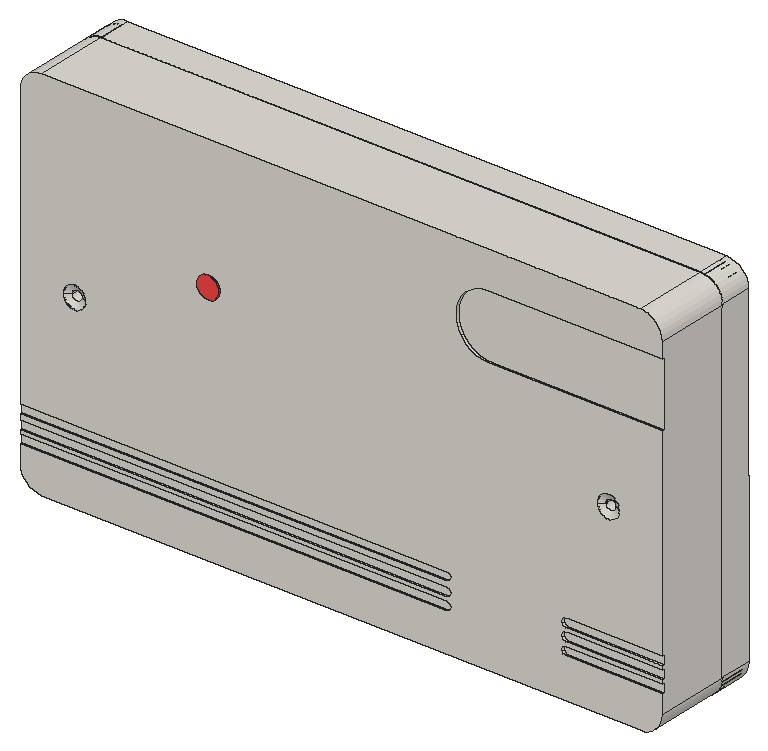
Revit family "TYCO-FPP-FireClass-FC410DIM DETECTOR IP MODULE", category Electrical Fixtures, Revit 2014
Parameters (values of type "TYCO-FPP-FireClass-FC410DIM DETECTOR IP MODULE")
  Wire Size (maximum) = "2.5sq. mm"
  Width = 84 mm  # constant formula
  URL = "https://fireclass.co.uk/en/emea/DocumentandMedia1/Data%20Sheets/80093%20Tyco%20Datasheet_addressable%20Loop%20Modules%20LR.pdf"
  Type Comments = "The FC410DIM monitors the status of detectors and wiring to detectors and\r\nsignals detector and wiring status back to the Controller."
  Storage Temperature = "–40°C to +80°C"
  Relative Humidity = "10% to 95%"
  Rear Cover = yes
  PCB = PCB
  Model = "FireClass - 555.800.712"
  Manufacturer = "Tyco"
  Loop Voltage = "20V to 40Vdc"
  Length = 61 mm  # constant formula
  Keynote = "The Addressable FC410DIM provides the ability to connect and Interface\r\none zone of conventional detectors (non-addressable) to the Fire Alarm Controller."
  Front Cover = yes
  EOL Resistor Value = "4.7k Ohms"
  Description = "Conventional Zone\r\nMonitor"
  Operating Temperature = "- 25 - + 70 ºC"
Reference planes
  plane 1 "Center (Front/Back)": y = 0
  plane 2: z = 0
  plane 3 "Center (Left/Right)": x = 0
  plane 4: z = -30.5
  plane 5: z = 30.5
  plane 6: x = -42
  plane 7: x = 42
Forms (mm)
  Extrusion 1, solid, material "PCB" <- "PCB", detail levels fine
    sketch origin (0, 0, 0) x (1, 0, 0) y (0, 0, 1)
      loop
        line (-42, 30.5) -> (-42, -30.5) -> (42, -30.5) -> (42, 30.5) -> (-42, 30.5)
      loop
        circle (-27.247, 10.659) r 2.622
      loop
        circle (-27.247, -10.659) r 2.622
      loop
        circle (27.247, 10.659) r 2.622
      loop
        circle (27.247, -10.659) r 2.622
      loop
        circle (37.556, 26.606) r 1.086
      loop
        circle (37.556, -26.606) r 1.086
      loop
        circle (-37.556, 26.606) r 1.086
      loop
        circle (-37.556, -26.606) r 1.086
    from 0 to -0.506
  Extrusion 2, solid, material "ss", detail levels fine
    sketch origin (-42, 0, 25.5) x (0, 0, 1) y (0, 1, 0)
      loop
        line (3.493, 0) -> (-7.283, 0) -> (-7.283, -2.806) -> (-4.09, -5.999) -> (0.91, -5.999) -> (3.493, -3.416) -> (3.493, 0)
    from -13.219 to -70.891
  Extrusion 3, solid, material "ST", detail levels fine
    sketch origin (-42, 0, 18.217) x (-1, 0, 0) y (0, 1, 0)
      loop
        line (-14.91, -3.079) -> (-18.456, -3.079) -> (-18.456, -5.523) -> (-14.91, -5.523) -> (-14.91, -3.079)
      loop
        line (-19.339, -3.079) -> (-22.804, -3.079) -> (-22.804, -5.523) -> (-19.339, -5.523) -> (-19.339, -3.079)
      loop
        line (-23.747, -3.079) -> (-27.212, -3.079) -> (-27.212, -5.523) -> (-23.747, -5.523) -> (-23.747, -3.079)
      loop
        line (-28.176, -3.079) -> (-31.641, -3.079) -> (-31.641, -5.523) -> (-28.176, -5.523) -> (-28.176, -3.079)
      loop
        line (-32.813, -3.079) -> (-36.278, -3.079) -> (-36.278, -5.523) -> (-32.813, -5.523) -> (-32.813, -3.079)
      loop
        line (-37.284, -3.079) -> (-40.749, -3.079) -> (-40.749, -5.523) -> (-37.284, -5.523) -> (-37.284, -3.079)
      loop
        line (-69.008, -3.079) -> (-69.008, -5.523) -> (-65.544, -5.523) -> (-65.544, -3.079) -> (-69.008, -3.079)
      loop
        line (-64.661, -3.079) -> (-64.661, -5.523) -> (-61.196, -5.523) -> (-61.196, -3.079) -> (-64.661, -3.079)
      loop
        line (-60.253, -3.079) -> (-60.253, -5.523) -> (-56.788, -5.523) -> (-56.788, -3.079) -> (-60.253, -3.079)
      loop
        line (-55.824, -3.079) -> (-55.824, -5.523) -> (-52.359, -5.523) -> (-52.359, -3.079) -> (-55.824, -3.079)
      loop
        line (-51.187, -3.079) -> (-51.187, -5.523) -> (-47.722, -5.523) -> (-47.722, -3.079) -> (-51.187, -3.079)
      loop
        line (-46.716, -3.079) -> (-46.716, -5.523) -> (-43.251, -5.523) -> (-43.251, -3.079) -> (-46.716, -3.079)
    from -0.123 to -3.193
  Extrusion 4, solid, material "ST", detail levels fine
    sketch origin (-42, -5.999, 26.41) x (0, 0.707107, 0.707107) y (-1, 0, 0)
      loop
        circle (2, -16.53) r 1.452
      loop
        circle (2, -20.889) r 1.452
      loop
        circle (2, -25.257) r 1.452
      loop
        circle (2, -29.767) r 1.452
      loop
        circle (2, -34.462) r 1.452
      loop
        circle (2, -38.947) r 1.452
      loop
        circle (2, -44.808) r 1.452
      loop
        circle (2, -49.284) r 1.452
      loop
        circle (1.753, -53.993) r 1.452
      loop
        circle (1.753, -58.469) r 1.452
      loop
        circle (1.753, -62.858) r 1.452
      loop
        circle (1.753, -67.189) r 1.452
    from -0.992 to 0.551
  Extrusion 5, solid, material "RS", detail levels fine
    sketch origin (0, 0, 0) x (1, 0, 0) y (0, 0, 1)
      loop
        circle (-10.821, 7.014) r 1.667
      loop
        circle (-10.821, 7.014) r 1.124
      loop
        circle (8.407, 7.685) r 1.667
      loop
        circle (8.407, 7.685) r 1.124
      loop
        circle (11.05, 12.453) r 1.667
      loop
        circle (11.05, 12.453) r 1.124
      loop
        circle (-10.821, 12.014) r 1.667
      loop
        circle (-10.821, 12.014) r 1.124
    from 0 to 3.079
  Extrusion 6, solid, material "RS(1)", detail levels fine
    sketch origin (0, 0, 0) x (1, 0, 0) y (0, 0, 1)
      loop
        circle (-4.351, -23.584) r 2.22
    from 0 to 5.103
Lines and regions (mm)
  model lines, detail levels fine
    curve 1: line (1.763, 0, 9.638) -> (6.502, 0, 4.9)
    curve 2: line (6.502, 0, 4.9) -> (21.527, 0, 4.9)
    curve 3: line (2.392, 0, 10.141) -> (6.833, 0, 5.7)
    curve 4: line (6.833, 0, 5.7) -> (21.502, 0, 5.7)
    curve 5: line (31.478, 0, 5.7) -> (36.502, 0, 5.7)
    curve 6: line (36.502, 0, 5.7) -> (36.502, 0, -11.206)
    curve 7: line (36.502, 0, -11.206) -> (32.966, 0, -14.742)
    curve 8: line (32.966, 0, -14.742) -> (32.966, 0, -22.251)
    curve 9: line (31.502, 0, 6.5) -> (37.302, 0, 6.5)
    curve 10: line (37.302, 0, 6.5) -> (37.302, 0, -11.538)
    curve 11: line (37.302, 0, -11.538) -> (33.766, 0, -15.073)
    curve 12: line (33.766, 0, -15.073) -> (33.766, 0, -22.295)
    curve 13: line (19.85, 0, -2.373) -> (19.85, 0, -18.714)
    curve 14: line (19.85, 0, -18.714) -> (16.317, 0, -22.247)
    curve 15: line (20.65, 0, -2.368) -> (20.65, 0, -19.046)
    curve 16: line (20.65, 0, -19.046) -> (16.931, 0, -22.765)
    curve 17: line (2.946, 0, -2.4) -> (6.085, 0, -5.538)
    curve 18: line (6.085, 0, -5.538) -> (16.94, 0, -5.538)
    curve 19: line (2.354, 0, -2.939) -> (5.754, 0, -6.338)
    curve 20: line (5.754, 0, -6.338) -> (16.924, 0, -6.338)
    curve 21: line (-36.808, 0, -19.354) -> (-36.808, 0, 14.365)
    curve 22: line (-36.808, 0, 14.365) -> (-30.85, 0, 14.365)
    curve 23: line (-37.608, 0, -19.328) -> (-37.608, 0, 15.165)
    curve 24: line (-37.608, 0, 15.165) -> (-30.85, 0, 15.165)
    curve 25: line (-24.467, 0, 6.5) -> (-22.33, 0, 4.363)
    curve 26: line (-22.33, 0, 4.363) -> (-8.704, 0, 4.363)
    curve 27: line (-8.704, 0, 4.363) -> (-8.704, 0, -5.588)
    curve 28: line (-23.901, 0, 7.066) -> (-21.999, 0, 5.163)
    curve 29: line (-21.999, 0, 5.163) -> (-7.904, 0, 5.163)
    curve 30: line (-7.904, 0, 5.163) -> (-7.904, 0, -5.612)
    curve 31: line (-20.061, 0, 8.821) -> (-2.117, 0, 8.821)
    curve 32: line (-20.013, 0, 9.621) -> (-2.117, 0, 9.621)
    curve 33: line (39.756, 0, -7.953) -> (39.756, 0, 19.224)
    curve 34: line (39.756, 0, 19.224) -> (33.766, 0, 19.224)
    curve 35: line (38.956, 0, 18.424) -> (33.744, 0, 18.424)
    curve 36: line (38.956, 0, -7.998) -> (38.956, 0, 18.424)
    curve 37: circle (32.68, 0, 18.853) r 1.147 normal (0, -1, 0)
    curve 38: circle (30.709, 0, 6.123) r 0.877 normal (0, -1, 0)
    curve 39: circle (39.401, 0, -8.776) r 0.897 normal (0, -1, 0)
    curve 40: circle (1.46, 0, 10.662) r 1.068 normal (0, -1, 0)
    curve 41: circle (22.697, 0, 5.337) r 1.249 normal (0, -1, 0)
    curve 42: circle (33.316, 0, -23.181) r 0.993 normal (0, -1, 0)
    curve 43: circle (16, 0, -23.247) r 1.048 normal (0, -1, 0)
    curve 44: circle (18.024, 0, -5.961) r 1.163 normal (0, -1, 0)
    curve 45: circle (20.244, 0, -1.435) r 1.018 normal (0, -1, 0)
    curve 46: circle (2.091, 0, -2.055) r 0.923 normal (0, -1, 0)
    curve 47: circle (-8.334, 0, -6.598) r 1.076 normal (0, -1, 0)
    curve 48: circle (-1.49, 0, 9.16) r 1.077 normal (0, -1, 0)
    curve 49: circle (-23.901, 0, 7.066) r 0.8 normal (0, -1, 0)
    curve 50: circle (-20.742, 0, 9.263) r 0.812 normal (0, -1, 0)
    curve 51: circle (-29.845, 0, 14.798) r 0.868 normal (0, -1, 0)
    curve 52: circle (-37.248, 0, -20.601) r 1.323 normal (0, -1, 0)
    curve 53: line (-42, 0, 30.5) -> (42, 0, 30.5)
    curve 54: line (-42, 0, -30.5) -> (-42, 0, 30.5)
    curve 55: line (42, 0, -30.5) -> (-42, 0, -30.5)
    curve 56: line (42, 0, 30.5) -> (42, 0, -30.5)
Dimensions and locks
  equal spacing: plane 7, plane 3 "Center (Left/Right)", plane 6
  "Width": plane 7 to plane 6
  equal spacing: plane 5, plane 2, plane 4
  "Length": plane 5 to plane 4
  aligned and locked: level to plane 2
  aligned and locked: plane 5 to Extrusion 1 sketch curve
  aligned and locked: plane 6 to Extrusion 1 sketch curve
  aligned and locked: plane 4 to Extrusion 1 sketch curve
  aligned and locked: plane 7 to Extrusion 1 sketch curve
  aligned and locked: Extrusion 6 to plane 1 "Center (Front/Back)"
  aligned and locked: plane 5 to curve 53
  aligned and locked: plane 7 to curve 56
  aligned and locked: plane 4 to curve 55
  aligned and locked: plane 6 to curve 54
  aligned and locked: plane 1 "Center (Front/Back)" to nested 1
  aligned and locked: plane 2 to nested 1
  aligned and locked: plane 3 "Center (Left/Right)" to nested 1
  aligned and locked: nested 2 to Extrusion 1
  aligned and locked: plane 3 "Center (Left/Right)" to nested 2
  aligned and locked: plane 2 to nested 2
Automatic sketch dimensions
  plane 6 to Extrusion 1 sketch curve = 4.444 mm  (x2)
  plane 6 to Extrusion 1 sketch curve = 14.753 mm  (x2)
  plane 7 to Extrusion 1 sketch curve = 14.753 mm  (x2)
  plane 7 to Extrusion 1 sketch curve = 4.444 mm  (x2)
  plane 4 to Extrusion 1 sketch curve = 3.894 mm  (x2)
  Extrusion 1 sketch curve to level = 10.659 mm  (x2)
  level to Extrusion 1 sketch curve = 10.659 mm  (x2)
  plane 5 to Extrusion 1 sketch curve = 3.894 mm  (x2)
  Extrusion 2 sketch curve to Extrusion 1 = 0 mm
  Extrusion 1 to Extrusion 2 sketch curve = 12.283 mm
  Extrusion 2 sketch curve to Extrusion 2 sketch curve = 3.193 mm  (x2)
  Extrusion 1 to Extrusion 2 sketch curve = 4.09 mm
  Extrusion 2 sketch curve to Extrusion 2 sketch curve = 2.806 mm
  Extrusion 1 to Extrusion 2 sketch curve = 1.507 mm
  Extrusion 2 sketch curve to Extrusion 2 sketch curve = 3.416 mm
  Extrusion 3 sketch curve to Extrusion 2 = 1.883 mm
  Extrusion 3 sketch curve to Extrusion 3 sketch curve = 3.465 mm  (x11)
  Extrusion 3 sketch curve to Extrusion 2 = 0.273 mm  (x12)
  Extrusion 3 sketch curve to Extrusion 3 sketch curve = 0.883 mm  (x2)
  Extrusion 3 sketch curve to Extrusion 3 sketch curve = 0.943 mm  (x2)
  Extrusion 3 sketch curve to Extrusion 3 sketch curve = 0.964 mm  (x2)
  Extrusion 3 sketch curve to Extrusion 3 sketch curve = 1.172 mm  (x2)
  Extrusion 3 sketch curve to Extrusion 3 sketch curve = 1.006 mm  (x2)
  Extrusion 3 sketch curve to Extrusion 3 sketch curve = 2.501 mm
  Extrusion 3 sketch curve to Extrusion 2 = 1.69 mm
  Extrusion 3 sketch curve to Extrusion 3 sketch curve = 2.444 mm  (x2)
  Extrusion 3 sketch curve to Extrusion 3 sketch curve = 0 mm  (x10)
  Extrusion 2 to Extrusion 4 sketch curve = 1.753 mm  (x4)
  Extrusion 4 sketch curve to Extrusion 2 = 1.654 mm  (x8)
  Extrusion 2 to Extrusion 4 sketch curve = 3.703 mm
  Extrusion 4 sketch curve to Extrusion 4 sketch curve = 4.331 mm
  Extrusion 4 sketch curve to Extrusion 4 sketch curve = 4.389 mm
  Extrusion 4 sketch curve to Extrusion 4 sketch curve = 4.476 mm  (x2)
  Extrusion 4 sketch curve to Extrusion 4 sketch curve = 4.709 mm
  Extrusion 4 sketch curve to Extrusion 4 sketch curve = 5.862 mm
  Extrusion 4 sketch curve to Extrusion 4 sketch curve = 4.485 mm
  Extrusion 4 sketch curve to Extrusion 4 sketch curve = 4.695 mm
  Extrusion 4 sketch curve to Extrusion 4 sketch curve = 4.509 mm
  Extrusion 4 sketch curve to Extrusion 4 sketch curve = 4.369 mm
  Extrusion 2 to Extrusion 4 sketch curve = 3.31 mm
  curve 24 to Extrusion 1 = 4.392 mm
  curve 23 to curve 52 = 0.36 mm
  curve 23 to curve 21 = 0.8 mm
  curve 21 to curve 51 = 6.962 mm
  curve 51 to curve 49 = 5.945 mm
  curve 49 to curve 26 = 1.571 mm
  curve 25 to curve 28 = 0.331 mm
  curve 49 to curve 50 = 3.159 mm
  curve 50 to curve 27 = 12.038 mm
  curve 27 to curve 47 = 0.37 mm
  curve 26 to curve 30 = 0.8 mm
  curve 29 to curve 48 = 6.414 mm
  curve 48 to curve 40 = 2.95 mm
  curve 30 to curve 46 = 9.995 mm
  curve 46 to curve 19 = 3.663 mm
  curve 19 to curve 18 = 0.331 mm
  curve 40 to curve 1 = 5.041 mm
  curve 1 to curve 3 = 0.331 mm
  curve 43 to Extrusion 1 = 7.253 mm
  curve 19 to curve 43 = 10.246 mm
  curve 17 to curve 44 = 11.939 mm
  curve 43 to curve 13 = 3.85 mm
  curve 13 to curve 45 = 0.394 mm
  curve 13 to curve 16 = 0.8 mm
  curve 45 to curve 41 = 2.453 mm
  curve 41 to curve 38 = 8.012 mm
  curve 37 to Extrusion 1 = 9.32 mm
  curve 7 to Extrusion 1 = 9.034 mm
  curve 8 to curve 42 = 0.35 mm
  curve 7 to curve 12 = 0.8 mm
  curve 5 to Extrusion 1 = 5.498 mm
  curve 6 to curve 10 = 0.8 mm
  curve 36 to Extrusion 1 = 3.044 mm
  curve 36 to curve 39 = 0.446 mm
  curve 35 to curve 34 = 0.8 mm
  curve 42 to Extrusion 1 = 7.319 mm
  curve 52 to Extrusion 1 = 9.899 mm
  curve 43 to curve 16 = 4.201 mm
  curve 15 to curve 14 = 0.331 mm
  curve 42 to curve 12 = 8.108 mm
  curve 11 to curve 7 = 0.331 mm
  curve 11 to curve 11 = 3.536 mm
  curve 10 to curve 7 = 0.331 mm
  curve 10 to curve 39 = 2.761 mm
  curve 47 to Extrusion 1 = 23.902 mm
  curve 47 to curve 19 = 0.259 mm
  curve 20 to curve 44 = 0.378 mm
  curve 19 to curve 17 = 0.8 mm
  curve 17 to curve 46 = 3.484 mm
  curve 44 to curve 45 = 4.526 mm
  curve 47 to curve 26 = 10.961 mm
  curve 46 to curve 1 = 6.955 mm
  curve 25 to curve 29 = 0.8 mm
  curve 2 to curve 41 = 0.437 mm
  curve 41 to curve 5 = 0.363 mm
  curve 1 to curve 3 = 0.8 mm
  curve 5 to curve 38 = 0.423 mm
  curve 5 to curve 10 = 0.8 mm
  curve 28 to curve 49 = 1.902 mm
  curve 29 to curve 48 = 3.997 mm
  curve 49 to curve 50 = 2.198 mm
  curve 48 to curve 40 = 1.502 mm
  curve 49 to curve 21 = 7.299 mm
  curve 22 to curve 51 = 0.433 mm
  curve 21 to curve 23 = 0.8 mm
  curve 9 to curve 36 = 11.924 mm
  curve 35 to curve 37 = 0.43 mm
  curve 35 to curve 33 = 0.8 mm
  curve 24 to curve 51 = 1.005 mm
  curve 24 to curve 22 = 0 mm
  curve 25 to curve 49 = 0.566 mm  (x2)
  curve 28 to curve 49 = 0 mm  (x2)
  curve 50 to curve 31 = 0.681 mm
  curve 31 to curve 32 = 0.048 mm
  curve 31 to curve 48 = 0.627 mm
  curve 32 to curve 48 = 0.627 mm
  curve 1 to Extrusion 1 = 20.862 mm
  curve 40 to curve 1 = 0.303 mm
  curve 46 to curve 19 = 0.264 mm
  curve 3 to Extrusion 1 = 20.359 mm
  curve 19 to curve 17 = 0.592 mm
  curve 14 to Extrusion 1 = 8.253 mm
  curve 43 to curve 14 = 0.317 mm
  curve 20 to curve 44 = 1.1 mm
  curve 16 to Extrusion 1 = 7.735 mm
  curve 4 to curve 41 = 1.195 mm
  curve 38 to curve 5 = 0.769 mm
  curve 37 to curve 35 = 1.064 mm
  curve 42 to curve 12 = 0.886 mm
  curve 21 to curve 23 = 0.026 mm
  curve 39 to curve 36 = 0.778 mm
  curve 47 to curve 30 = 0.986 mm
  curve 19 to curve 46 = 0.884 mm
  curve 13 to curve 45 = 0.939 mm
  curve 31 to curve 48 = 0.339 mm
  Extrusion 5 sketch curve to Extrusion 5 sketch curve = 0 mm  (x9)
  Extrusion 5 sketch curve to Extrusion 1 = 31.179 mm
  Extrusion 5 sketch curve to Extrusion 5 sketch curve = 19.228 mm
  Extrusion 5 sketch curve to Extrusion 5 sketch curve = 2.643 mm
  Extrusion 5 sketch curve to Extrusion 1 = 23.486 mm
  Extrusion 5 sketch curve to Extrusion 5 sketch curve = 0.671 mm
  Extrusion 5 sketch curve to Extrusion 5 sketch curve = 5 mm
  Extrusion 5 sketch curve to Extrusion 5 sketch curve = 4.768 mm
  Extrusion 6 sketch curve to Extrusion 1 = 6.916 mm
  Extrusion 6 sketch curve to Extrusion 1 = 37.649 mm
  radius of Extrusion 1 sketch curve = 2.622 mm  (x4)
  radius of Extrusion 1 sketch curve = 1.086 mm  (x4)
  radius of Extrusion 4 sketch curve = 1.452 mm  (x12)
  radius of curve 48 = 1.077 mm
  radius of curve 51 = 0.868 mm
  radius of Extrusion 5 sketch curve = 1.667 mm  (x4)
  radius of Extrusion 5 sketch curve = 1.124 mm  (x4)
  radius of Extrusion 6 sketch curve = 2.22 mm
Nested families
  nested 1: "517.035.007" at (0, 0, 0), visible <- "Front Cover", type "517.035.007 cover", detail levels fine
    with Front Cover yes
  nested 2: "517.035.010 rear cover" at (0, -5.859, -7.5), visible <- "Rear Cover", type "517.035.010 back box", detail levels fine
    with Rear cover yes
Connectors
  electrical at (0, 0.506, 0)
    settings: on Extrusion 1, index 1, voltage 24 V, apparent load 0 VA, apparent load phase1 0 VA, apparent load phase2 0 VA, apparent load phase3 0 VA, power factor 1, load classification "Other", number of poles 1, system type 31, power factor state 1, is connector primary yes, connector utility no, sub classification motor no, connector description ""
Definition of nested family "517.035.007"
  Parameters (values of type "517.035.007 cover")
    X = 2 mm
    W = 148 mm
    Type Comments = "M520 Ancillary cover for use with 800 series modules.\r\nWill fit onto a MK style double gang back box."
    Model = "517.035.007"
    Material = Cover
    Manufacturer = "Tyco"
    L = 87 mm
    Front Cover [instance] = yes
    Description = "M520 Ancillary Cover"
    D = 23 mm
  Reference planes
    plane 1 "Center (Front/Back)": y = 0
    plane 2: z = 0
    plane 3 "Center (Left/Right)": x = 0
    plane 4: x = -74
    plane 5: x = 74
    plane 6: x = 61.5
    plane 7: z = 43.5
    plane 8: z = -43.5
    plane 9: y = -23
  Forms (mm)
    Extrusion 1, solid, material "Cover" <- "Material", visible <- "Front Cover", detail levels fine
      sketch origin (0, -23.027, 0) x (1, 0, 0) y (0, 0, 1)
        loop
          arc (-69, 43.5) -> (-72.536, 42.036) -> (-74, 38.5) r 5
          line (-74, 38.5) -> (-74, -38.5)
          arc (-74, -38.5) -> (-72.536, -42.036) -> (-69, -43.5) r 5
          line (-69, -43.5) -> (69, -43.5)
          arc (69, -43.5) -> (72.536, -42.036) -> (74, -38.5) r 5
          line (74, -38.5) -> (74, 38.5)
          arc (74, 38.5) -> (72.536, 42.036) -> (69, 43.5) r 5
          line (69, 43.5) -> (-69, 43.5)
      from -23 to 0
    Extrusion 2, void
      sketch origin (0, -23.027, 0) x (-1, 0, 0) y (0, 0, 1)
        loop
          line (74, -26.396) -> (-24.324, -26.396)
          arc (-24.324, -26.396) -> (-25.324, -27.396) -> (-24.324, -28.396) r 1
          line (-24.324, -28.396) -> (74, -28.396) -> (74, -26.396)
        loop
          line (74, -29.671) -> (-24.324, -29.671)
          arc (-24.324, -29.671) -> (-25.324, -30.671) -> (-24.324, -31.671) r 1
          line (-24.324, -31.671) -> (74, -31.671) -> (74, -29.671)
        loop
          line (74, -32.583) -> (-24.324, -32.583)
          arc (-24.324, -32.583) -> (-25.324, -33.583) -> (-24.324, -34.583) r 1
          line (-24.324, -34.583) -> (74, -34.583) -> (74, -32.583)
        loop
          line (-51.834, -26.396) -> (-74, -26.396) -> (-74, -28.396) -> (-51.834, -28.396)
          arc (-51.834, -28.396) -> (-50.834, -27.396) -> (-51.834, -26.396) r 1
        loop
          line (-51.834, -29.305) -> (-74, -29.305) -> (-74, -31.305) -> (-51.834, -31.305)
          arc (-51.834, -31.305) -> (-50.834, -30.305) -> (-51.834, -29.305) r 1
        loop
          line (-51.834, -32.254) -> (-74, -32.254) -> (-74, -34.254) -> (-51.834, -34.254)
          arc (-51.834, -34.254) -> (-50.834, -33.254) -> (-51.834, -32.254) r 1
        loop
          line (-74, 34.995) -> (-74, 19.995) -> (-34, 19.995)
          arc (-34, 19.995) -> (-26.5, 27.495) -> (-34, 34.995) r 7.5
          line (-34, 34.995) -> (-74, 34.995)
      from 0 to 0.563
    Revolve 3, void
      sketch origin (0, -23.027, 0) x (0, -1, 0) y (1, 0, 0)
        loop
          line (-3.575, 61.5) -> (0, 61.5) -> (0, 64.045) -> (-0.836, 62.678) -> (-3.575, 62.678) -> (-3.575, 61.5)
        axis (-3.575, 61.5) -> (0, 61.5)
      angle from 0 to 360
    Extrusion 4, solid, material "LED RED", detail levels fine
      sketch origin (0, -23.027, 0) x (1, 0, 0) y (0, 0, 1)
        loop
          circle (-30.624, 12.978) r 2.558
      from -1.293 to 0.174
    Extrusion 5, void
      sketch origin (-94.576, -0.027, -4572) x (1, 0, 0) y (0, 0, -1)
        loop
          line (26.703, -4612.567) -> (162.316, -4612.567)
          arc (162.316, -4612.567) -> (164.664, -4611.594) -> (165.637, -4609.246) r 3.321
          line (165.637, -4609.246) -> (165.637, -4534.612)
          arc (165.637, -4534.612) -> (164.589, -4532.082) -> (162.058, -4531.033) r 3.578
          line (162.058, -4531.033) -> (27.05, -4531.033)
          arc (27.05, -4531.033) -> (24.499, -4532.09) -> (23.442, -4534.641) r 3.608
          line (23.442, -4534.641) -> (23.442, -4609.306)
          arc (23.442, -4609.306) -> (24.397, -4611.612) -> (26.703, -4612.567) r 3.261
      from 0 to -19.425
    Revolve 6, void
      sketch origin (0, -23.027, 0) x (0, 1, 0) y (-1, 0, 0)
        loop
          line (3.575, 61.5) -> (3.575, 62.678) -> (0.836, 62.678) -> (0, 64.045) -> (0, 61.5) -> (3.575, 61.5)
        axis (3.575, 61.5) -> (0, 61.5)
      angle from 0 to 360
  Cuts and joins
    Extrusion 2, Revolve 3, Extrusion 5, Revolve 6 cuts Extrusion 1
  Dimensions and locks
    equal spacing: plane 4, plane 3 "Center (Left/Right)", plane 5
    "W": plane 4 to plane 5
    locked: plane 5 to plane 6 at 12.5
    equal spacing: plane 7, level, plane 8
    "L": plane 7 to plane 8
    "D": plane 9 to plane 1 "Center (Front/Back)"
    aligned and locked: plane 2 to level
    aligned and locked: Extrusion 1 to Extrusion 5
    aligned and locked: Extrusion 1 sketch curve to plane 7
    aligned and locked: plane 4 to Extrusion 1 sketch curve
    aligned and locked: Extrusion 1 sketch curve to plane 8
    aligned and locked: Extrusion 1 to Extrusion 2
  Automatic sketch dimensions
    plane 5 to Extrusion 1 sketch curve = 0 mm
    plane 4 to Extrusion 1 sketch curve = 5 mm  (x2)
    plane 5 to Extrusion 1 sketch curve = 5 mm
    Extrusion 1 sketch curve to Extrusion 1 sketch curve = 5 mm
    plane 5 to Extrusion 2 sketch curve = 0 mm  (x4)
    Extrusion 2 sketch curve to plane 4 = 0 mm  (x3)
    Extrusion 2 sketch curve to plane 6 = 9.666 mm
    Extrusion 2 sketch curve to Extrusion 2 sketch curve = 0 mm  (x4)
    Extrusion 2 sketch curve to plane 6 = 27.5 mm
    Extrusion 2 sketch curve to plane 8 = 9.917 mm
    plane 3 "Center (Left/Right)" to Extrusion 2 sketch curve = 24.324 mm
    Extrusion 2 sketch curve to plane 8 = 9.246 mm
    Extrusion 2 sketch curve to plane 8 = 8.917 mm
    Extrusion 2 sketch curve to Extrusion 2 sketch curve = 1 mm  (x5)
    Extrusion 2 sketch curve to Extrusion 2 sketch curve = 0.912 mm
    Extrusion 2 sketch curve to Extrusion 2 sketch curve = 0.95 mm
    Extrusion 2 sketch curve to Extrusion 2 sketch curve = 0.908 mm
    Extrusion 2 sketch curve to Extrusion 2 sketch curve = 1.275 mm
    level to Extrusion 2 sketch curve = 19.995 mm
    Extrusion 2 sketch curve to Extrusion 2 sketch curve = 7.5 mm
    Revolve 3 sketch curve to plane 6 = 0 mm  (x2)
    plane 1 "Center (Front/Back)" to Revolve 3 sketch curve = 19.452 mm
    plane 6 to Revolve 3 sketch curve = 1.178 mm
    Revolve 3 sketch curve to Revolve 3 sketch curve = 2.739 mm
    plane 6 to Revolve 3 sketch curve = 2.545 mm
    Revolve 3 sketch curve to Revolve 3 sketch curve = 0.836 mm
    Revolve 3 sketch curve to Revolve 3 sketch curve = 0.558 mm
    Revolve 3 sketch curve to Revolve 3 sketch curve = 1.62 mm
    Extrusion 4 sketch curve to Extrusion 1 = 43.376 mm
    Extrusion 4 sketch curve to Extrusion 1 = 30.522 mm
    plane 4 to Extrusion 5 sketch curve = 2.867 mm
    Extrusion 5 sketch curve to plane 7 = 2.933 mm
    Extrusion 5 sketch curve to Extrusion 5 sketch curve = 3.261 mm
    Extrusion 5 sketch curve to plane 8 = 2.533 mm
    Extrusion 5 sketch curve to Extrusion 5 sketch curve = 3.608 mm
    plane 6 to Extrusion 5 sketch curve = 5.983 mm
    plane 6 to Extrusion 5 sketch curve = 6.24 mm
    plane 5 to Extrusion 5 sketch curve = 2.939 mm
    plane 1 "Center (Front/Back)" to Revolve 6 sketch curve = 23.027 mm
    Revolve 6 sketch curve to Revolve 6 sketch curve = 0.836 mm
    Revolve 6 sketch curve to Revolve 6 sketch curve = 2.739 mm
    plane 4 to Revolve 6 sketch curve = 12.5 mm
    Revolve 6 sketch curve to Revolve 6 sketch curve = 1.178 mm
    Revolve 6 sketch curve to Revolve 6 sketch curve = 1.367 mm
    Revolve 6 sketch curve to Revolve 6 sketch curve = 1.62 mm
    Revolve 6 sketch curve to Revolve 6 sketch curve = 0.558 mm
    Revolve 6 sketch curve to Revolve 6 sketch curve = 0 mm
    radius of Extrusion 4 sketch curve = 2.558 mm
Definition of nested family "517.035.010 rear cover"
  Parameters (values of type "517.035.010 back box")
    W = 148 mm
    URL = "http://tfppemea.com/en/_layouts/fsassets/Docs/Detection_FireClass/UK%20FireClass%20CATALOGUE%20(LR).pdf"
    Type Comments = "K2142 White plastic surface mount MK backbox for use\r\nwith 800 Series addressable ancillaries using 517.035.007\r\ncover."
    Rear cover [instance] = yes
    Model = "517.035.010\r\n517.035.010"
    Manufacturer = "Tyco"
    L = 87 mm
    Finish = rear cover
    Description = "K2142 White Plastic Surface Mount MK\r\nbackbox"
  Reference planes
    plane 1 "Center (Front/Back)": y = 0
    plane 2: z = 0
    plane 3 "Center (Left/Right)": x = 0
    plane 4: x = -74
    plane 5: x = 74
    plane 6: z = 7.5
  Forms (mm)
    Extrusion 1, solid, material "rear cover" <- "Finish", visible <- "Rear cover", detail levels fine
      sketch origin (0, 7.5, 7.5) x (1, 0, 0) y (0, 0, 1)
        loop
          arc (-69, 43.5) -> (-72.536, 42.036) -> (-74, 38.5) r 5
          line (-74, 38.5) -> (-74, -38.5)
          arc (-74, -38.5) -> (-72.536, -42.036) -> (-69, -43.5) r 5
          line (-69, -43.5) -> (69, -43.5)
          arc (69, -43.5) -> (72.536, -42.036) -> (74, -38.5) r 5
          line (74, -38.5) -> (74, 38.5)
          arc (74, 38.5) -> (72.536, 42.036) -> (69, 43.5) r 5
          line (69, 43.5) -> (-69, 43.5)
      from 0 to 7.5
    Extrusion 2, void
      sketch origin (0, 0, 0) x (-1, 0, 0) y (0, 0, 1)
        loop
          line (71.151, 48.985) -> (-71.802, 48.985) -> (-71.802, -33.613) -> (71.151, -33.613) -> (71.151, 48.985)
        loop
          circle (-61, 7.5) r 1.229
        loop
          circle (-61, 7.5) r 2.2
        loop
          circle (61, 7.5) r 1.229
        loop
          circle (61, 7.5) r 2.2
      from 0 to 6.364
  Cuts and joins
    Extrusion 2 cuts Extrusion 1
  Dimensions and locks
    equal spacing: plane 4, plane 3 "Center (Left/Right)", plane 5
    "W": plane 4 to plane 5
    plane 6 to plane 2 = 7.5 mm
    aligned and locked: plane 2 to level
    aligned and locked: Extrusion 1 sketch curve to plane 4
    aligned and locked: Extrusion 1 sketch curve to plane 5
  Automatic sketch dimensions
    Extrusion 1 sketch curve to plane 4 = 5 mm
    Extrusion 1 sketch curve to Extrusion 1 sketch curve = 5 mm
    Extrusion 1 sketch curve to plane 5 = 5 mm  (x2)
    Extrusion 1 sketch curve to level = 36 mm
    plane 6 to Extrusion 1 sketch curve = 38.5 mm
    Extrusion 2 sketch curve to Extrusion 2 sketch curve = 0 mm  (x4)
    Extrusion 2 sketch curve to plane 6 = 0 mm  (x2)
    Extrusion 2 sketch curve to plane 5 = 2.198 mm
    Extrusion 2 sketch curve to plane 5 = 13 mm
    Extrusion 2 sketch curve to plane 4 = 13 mm
    Extrusion 2 sketch curve to plane 4 = 2.849 mm
    Extrusion 2 sketch curve to level = 33.613 mm
    plane 6 to Extrusion 2 sketch curve = 41.485 mm
    radius of Extrusion 2 sketch curve = 1.229 mm  (x2)
    radius of Extrusion 2 sketch curve = 2.2 mm  (x2)
